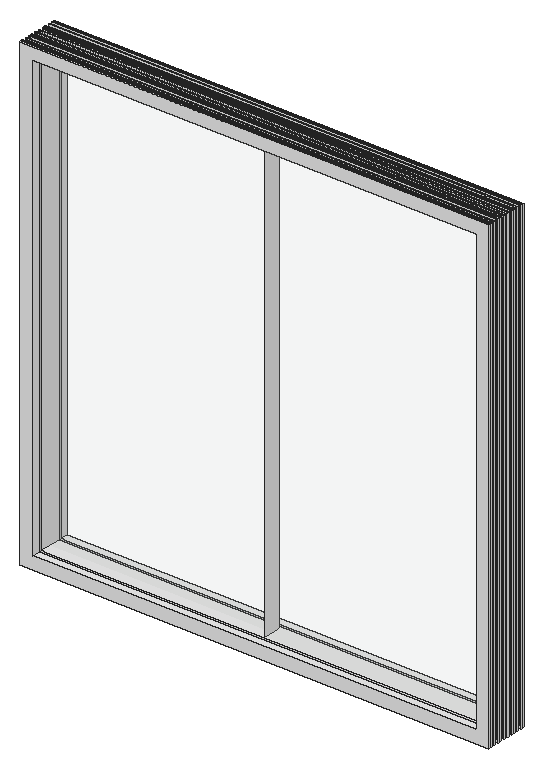
Revit family "LS66 2B", category Generic Models, Revit 2015
Parameters
  w.5 = Width / 2  # 1000 mm
  b = 20 mm  # constant formula
  a = Height - 20 mm  # 1980 mm
  Width = 2000 mm
  W/6 = Width / 6  # 333.333 mm
  W/3 = Width / 3  # 666.667 mm
  URL = "www.nanawall.com"
  Model = "LS66 2B"
  Manufacturer = "Nanawall"  # constant formula
  Height = 2000 mm
  Author = "Yepsketch"  # constant formula
Reference planes
  plane 1 "Center (Front/Back)": y = 0
  plane 2: z = 0
  plane 3 "Center (Left/Right)": x = 0
  plane 4: y = -24.625
  plane 5: y = 24.625
  plane 6 "referencia 1": x = 999.146
  plane 7: x = 2000
  plane 8: z = 2000
  plane 9: x = 998.291
  plane 10: x = 1000
  plane 11: x = 1999.146
  plane 12: x = 1998.291
  plane 13: x = 2000
Forms (mm)
  Sweep 1, solid, material "aluminio"
    path origin (0, 0, 0) x (1, 0, 0) y (0, 0, 1)
      loop
        line (0, 2000) -> (0, 0) -> (2000, 0) -> (2000, 2000) -> (0, 2000)
    profile "Profile LS66 : Profile LS66" origin (0, 0, 1000) x (1, 0, 0) y (0, -1, 0)
      loop
        line (7.583, 0) -> (7.583, -6.193) -> (0, -6.193) -> (0, -11.781) -> (3.556, -11.781) -> (3.556, -10.113)
        arc (3.556, -10.113) -> (2.549, -9.106) -> (3.556, -8.098) r 1.008
        line (3.556, -8.098) -> (7.583, -8.098) -> (7.583, -31.659)
        arc (7.583, -31.659) -> (4.839, -32.3) -> (2.04, -32.636) r 25.623
        line (2.04, -32.636) -> (2.04, -29.713) -> (0, -29.713) -> (0, -34.713) -> (7.583, -34.713) -> (7.583, -43.068) -> (2.04, -43.068) -> (2.04, -40.832) -> (0, -40.832) -> (0, -45.123) -> (7.583, -45.123) -> (7.583, -59.199) -> (0, -59.199) -> (0, -64.199) -> (2.04, -64.199) -> (2.04, -61.757) -> (7.583, -61.757) -> (7.583, -77.742) -> (0, -77.742) -> (0, -81.579) -> (2.723, -81.579) -> (7.583, -81.579) -> (7.583, -89.097) -> (2.583, -89.097) -> (2.583, -86.417) -> (0, -86.417) -> (0, -92) -> (52.124, -92) -> (52.124, -55.242)
        arc (52.124, -55.242) -> (55.486, -52.742) -> (52.124, -50.242) r 2.611
        line (52.124, -50.242) -> (52.124, 0) -> (52.124, 50.242)
        arc (52.124, 50.242) -> (55.486, 52.742) -> (52.124, 55.242) r 2.611
        line (52.124, 55.242) -> (52.124, 92) -> (0, 92) -> (0, 86.417) -> (2.583, 86.417) -> (2.583, 89.097) -> (7.583, 89.097) -> (7.583, 81.579) -> (2.723, 81.579) -> (0, 81.579) -> (0, 77.742) -> (7.583, 77.742) -> (7.583, 61.757) -> (2.04, 61.757) -> (2.04, 64.199) -> (0, 64.199) -> (0, 59.199) -> (7.583, 59.199) -> (7.583, 45.123) -> (0, 45.123) -> (0, 40.832) -> (2.04, 40.832) -> (2.04, 43.068) -> (7.583, 43.068) -> (7.583, 34.713) -> (0, 34.713) -> (0, 29.713) -> (2.04, 29.713) -> (2.04, 32.636)
        arc (2.04, 32.636) -> (4.839, 32.3) -> (7.583, 31.659) r 25.623
        line (7.583, 31.659) -> (7.583, 8.098) -> (3.556, 8.098)
        arc (3.556, 8.098) -> (2.549, 9.106) -> (3.556, 10.113) r 1.008
        line (3.556, 10.113) -> (3.556, 11.781) -> (0, 11.781) -> (0, 6.193) -> (7.583, 6.193) -> (7.583, 0)
  Extrusion 2, solid, material "aluminio"
    sketch origin (1000.708, 24.526, 0) x (1, 0, 0) y (0, 1, 0)
      loop
        line (-0.708, 11.475) -> (-2.417, 11.475) -> (-2.417, -60.525) -> (-0.708, -60.525) -> (-0.708, 11.475)
    from 20 <- "b" to 1980 <- "a"
  Extrusion 3, solid, material "Glass"
    sketch origin (999.146, -6.138, 0) x (1, 0, 0) y (0, 1, 0)
      loop
        line (-0.854, 6.139) -> (-0.854, 42.139) -> (-971.718, 42.139) -> (-971.718, 6.139) -> (-0.854, 6.139)
    from 20 <- "b" to 1980 <- "a"
  Extrusion 4, solid, material "Glass"
    sketch origin (6999.146, -42.138, 0) x (-1, 0, 0) y (0, -1, 0)
      loop
        line (5999.146, -6.139) -> (5028.282, -6.139) -> (5028.282, -42.139) -> (5999.146, -42.139) -> (5999.146, -6.139)
    from 20 <- "b" to 1980 <- "a"
Dimensions and locks
  "Width": plane 7 to plane 3 "Center (Left/Right)"
  "Height": plane 8 to level
  locked: plane 6 "referencia 1" to plane 9 at 0.854
  locked: plane 10 to plane 6 "referencia 1" at 0.854
  locked: plane 11 to plane 12 at 0.854
  locked: plane 13 to plane 11 at 0.854
  "w.5": plane 10 to plane 3 "Center (Left/Right)"
  "w.5": plane 13 to plane 10
  aligned and locked: level to plane 2
  aligned and locked: Sweep 1 sketch curve to plane 3 "Center (Left/Right)"
  aligned and locked: Sweep 1 sketch curve to plane 8
  aligned and locked: Sweep 1 sketch curve to plane 7
  aligned and locked: Sweep 1 sketch curve to level
  aligned and locked: Extrusion 2 to plane 9
  aligned and locked: Extrusion 2 sketch curve to plane 10
  aligned and locked: plane 9 to Extrusion 3
  aligned and locked: Extrusion 3 sketch curve to Extrusion 2
  aligned and locked: Extrusion 2 to Extrusion 4
  aligned and locked: Extrusion 4 to Extrusion 2
Automatic sketch dimensions
  Extrusion 2 sketch curve to plane 9 = 0 mm
  plane 1 "Center (Front/Back)" to Extrusion 2 sketch curve = 36 mm
  Extrusion 2 sketch curve to plane 5 = 11.375 mm
  Extrusion 3 sketch curve to plane 9 = 0 mm
  plane 3 "Center (Left/Right)" to Extrusion 3 sketch curve = 27.428 mm
  plane 5 to Extrusion 3 sketch curve = 24.625 mm
  Extrusion 3 sketch curve to Extrusion 3 sketch curve = 36 mm
  plane 10 to Extrusion 4 sketch curve = 0 mm
  Extrusion 4 sketch curve to plane 12 = 27.428 mm
  plane 5 to Extrusion 4 sketch curve = 24.625 mm
  plane 5 to Extrusion 4 sketch curve = 60.625 mm
